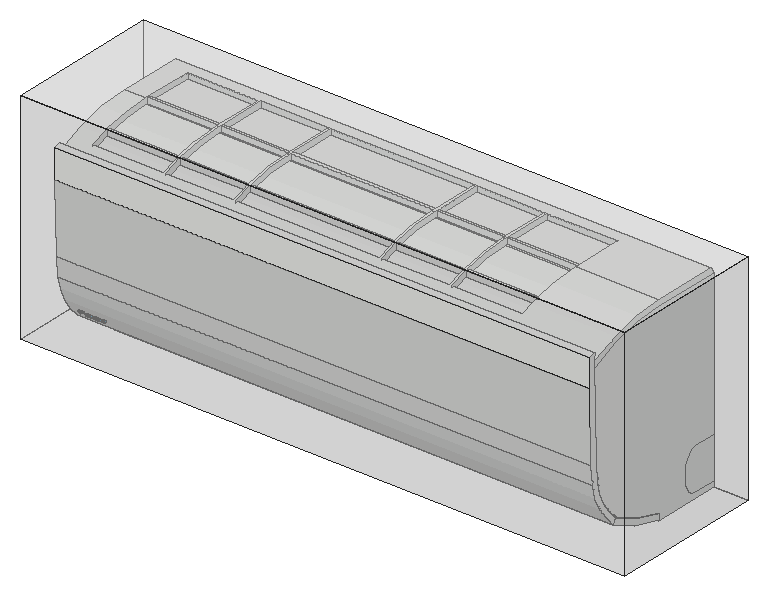
Revit family "outputfile", category 機械設備, Revit 2024
Family settings
  丸型コネクタ寸法 = 半径を使用
  パーツ タイプ = 標準
  OmniClass 番号 = 23.75.10.24.21.27.27
  OmniClass タイトル = Split System Air Conditioning Units
  作業面ベース = いいえ
  常に垂直 = はい
  ロード時にボイドで切り取り = いいえ
  注釈の向きを維持 = いいえ
  共有 = いいえ
  部屋計算ポイント = いいえ
Parameters (values of type "FTKQ50UVM4")
  Description = ""
  書き出し IFC クラス(タイプ) = "IfcUnitaryEquipmentType"
  定義済み IFC タイプ(タイプ) = "AIRCONDITIONINGUNIT"
  Cost = 0
  Type Comments = ""
  Keynote = ""
  Type Image = (empty or 0)
  Assembly Code = ""
  w_wall hole = if(Width = 770.0 mm, 48.0 mm, 60.0 mm)  # 48.0 mm
  製造元 = "Daikin"
  モデル = "FTKQ50UVM4"
  switch_frequency = yes
  r_Liquid Pipe Size = Liquid Pipe Size / 2  # 3.2 mm
  r_Gas Pipe Size = Gas Pipe Size / 2  # 6.35 mm
  r_Drain Pipe Size = Drain Pipe Size / 2  # 8.0 mm
  lw_powersupply [instance] = if(Width = 770.0 mm, if(or(Rear Right Connection_refrigerant, Bottom Right Connection_refrigerant), 25.0 mm, if(or(Rear Left Connection_refrigerant, Bottom Left Connection_refrigerant), 745.0 mm, 400.0 mm)), if(Width = 990.0 mm, if(or(Rear Right Connection_refrigerant, Bottom Right Connection_refrigerant), 40.0 mm, if(or(Rear Left Connection_refrigerant, Bottom Left Connection_refrigerant), 920.0 mm, 400.0 mm)), if(or(Rear Right Connection_refrigerant, Bottom Right Connection_refrigerant), 40.0 mm, if(or(Rear Left Connection_refrigerant, Bottom Left Connection_refrigerant), 920.0 mm, 400.0 mm))))  # 400.0 mm
  lw_liquidpipe [instance] = if(Width = 770.0 mm, if(or(Rear Right Connection_refrigerant, Bottom Right Connection_refrigerant), 0.0 mm, if(or(Rear Left Connection_refrigerant, Bottom Left Connection_refrigerant), 664.0 mm, 385.0 mm)), if(Width = 990.0 mm, if(or(Rear Right Connection_refrigerant, Bottom Right Connection_refrigerant), 0.0 mm, if(or(Rear Left Connection_refrigerant, Bottom Left Connection_refrigerant), 664.0 mm + (990.0 mm - 770.0 mm), 475.0 mm)), if(or(Rear Right Connection_refrigerant, Bottom Right Connection_refrigerant), 0.0 mm, if(or(Rear Left Connection_refrigerant, Bottom Left Connection_refrigerant), 664.0 mm + (990.0 mm - 770.0 mm), 475.0 mm))))  # 385.0 mm
  lw_gaspipe [instance] = if(Width = 770.0 mm, if(or(Rear Right Connection_refrigerant, Bottom Right Connection_refrigerant), 0.0 mm, if(or(Rear Left Connection_refrigerant, Bottom Left Connection_refrigerant), 675.0 mm, if(Gas Pipe Size = 12.7 mm, 345.0 mm, 335.0 mm))), if(Width = 990.0 mm, if(or(Rear Right Connection_refrigerant, Bottom Right Connection_refrigerant), 10.0 mm, if(or(Rear Left Connection_refrigerant, Bottom Left Connection_refrigerant), 890.0 mm, if(Gas Pipe Size = 15.9 mm, 400.0 mm, 400.0 mm))), if(or(Rear Right Connection_refrigerant, Bottom Right Connection_refrigerant), 10.0 mm, if(or(Rear Left Connection_refrigerant, Bottom Left Connection_refrigerant), 890.0 mm, if(Gas Pipe Size = 15.9 mm, 400.0 mm, 400.0 mm)))))  # 345.0 mm
  lw_drainpipe [instance] = if(Width = 770.0 mm, if(or(Rear Right Connection_refrigerant, Bottom Right Connection_refrigerant), 0.0 mm, if(or(Rear Left Connection_refrigerant, Bottom Left Connection_refrigerant), 770.0 mm - 48.0 mm - 48.0 mm, 440.0 mm)), if(Width = 990.0 mm, if(or(Rear Right Connection_refrigerant, Bottom Right Connection_refrigerant), 0.0 mm, if(or(Rear Left Connection_refrigerant, Bottom Left Connection_refrigerant), 675.0 mm + (990.0 mm - 770.0 mm), 435.0 mm)), if(or(Rear Right Connection_refrigerant, Bottom Right Connection_refrigerant), 0.0 mm, if(or(Rear Left Connection_refrigerant, Bottom Left Connection_refrigerant), 675.0 mm + (990.0 mm - 770.0 mm), 435.0 mm))))  # 440.0 mm
  l_powersupply_length [instance] = if(Width = 770.0 mm, if(Right Connection_refrigerant, 400.0 mm, if(Left Connection_refrigerant, 770.0 mm - 400.0 mm, if(or(Rear Left Connection_refrigerant, Rear Right Connection_refrigerant), 15.0 mm, 50.0 mm))), if(Width = 990.0 mm, if(Right Connection_refrigerant, 400.0 mm, if(Left Connection_refrigerant, 990.0 mm - 400.0 mm, if(or(Rear Left Connection_refrigerant, Rear Right Connection_refrigerant), 15.0 mm, 50.0 mm))), if(Right Connection_refrigerant, 400.0 mm, if(Left Connection_refrigerant, 990.0 mm - 400.0 mm, if(or(Rear Left Connection_refrigerant, Rear Right Connection_refrigerant), 15.0 mm, 50.0 mm)))))  # 400.0 mm
  l_liquidpipe_length [instance] = if(Width = 770.0 mm, if(Right Connection_refrigerant, 433.0 mm, if(Left Connection_refrigerant, 337.0 mm, if(or(Rear Left Connection_refrigerant, Rear Right Connection_refrigerant), 30.0 mm, 50.0 mm))), if(Width = 990.0 mm, if(Right Connection_refrigerant, 535.0 mm, if(Left Connection_refrigerant, 455.0 mm, if(or(Rear Left Connection_refrigerant, Rear Right Connection_refrigerant), 30.0 mm, 50.0 mm))), if(Right Connection_refrigerant, 535.0 mm, if(Left Connection_refrigerant, 455.0 mm, if(or(Rear Left Connection_refrigerant, Rear Right Connection_refrigerant), 30.0 mm, 50.0 mm)))))  # 433.0 mm
  l_gaspipe_length [instance] = if(Width = 770.0 mm, if(Right Connection_refrigerant, if(Gas Pipe Size = 12.7 mm, 393.0 mm, 383.0 mm), if(Left Connection_refrigerant, if(Gas Pipe Size = 12.7 mm, 770.0 mm - 393.0 mm, 770.0 mm - 383.0 mm), if(or(Rear Left Connection_refrigerant, Rear Right Connection_refrigerant), 40.0 mm, 40.0 mm))), if(Width = 990.0 mm, if(Right Connection_refrigerant, if(Gas Pipe Size = 15.9 mm, 460.0 mm, 460.0 mm), if(Left Connection_refrigerant, if(Gas Pipe Size = 15.9 mm, 990.0 mm - 460.0 mm, 990.0 mm - 460.0 mm), if(or(Rear Left Connection_refrigerant, Rear Right Connection_refrigerant), 40.0 mm, 40.0 mm))), if(Right Connection_refrigerant, if(Gas Pipe Size = 15.9 mm, 460.0 mm, 460.0 mm), if(Left Connection_refrigerant, if(Gas Pipe Size = 15.9 mm, 990.0 mm - 460.0 mm, 990.0 mm - 460.0 mm), if(or(Rear Left Connection_refrigerant, Rear Right Connection_refrigerant), 40.0 mm, 40.0 mm)))))  # 393.0 mm
  l_drainpipe_length [instance] = if(Width = 770.0 mm, if(Right Connection_refrigerant, 488.0 mm, if(Left Connection_refrigerant, 282.0 mm, if(or(Rear Left Connection_refrigerant, Rear Right Connection_refrigerant), 15.0 mm, 20.0 mm))), if(Width = 990.0 mm, if(Right Connection_refrigerant, 495.0 mm, if(Left Connection_refrigerant, 495.0 mm, if(or(Rear Left Connection_refrigerant, Rear Right Connection_refrigerant), 15.0 mm, 20.0 mm))), if(Right Connection_refrigerant, 495.0 mm, if(Left Connection_refrigerant, 495.0 mm, if(or(Rear Left Connection_refrigerant, Rear Right Connection_refrigerant), 15.0 mm, 20.0 mm)))))  # 488.0 mm
  h*** = 0.0 mm  # constant formula
  connector_voltage = Voltage_50Hz  # 230 V
  connector_powerinput = [Power Input (Cooling)]  # 0.000 kW
  connector_phase = Phase_50Hz  # 1
  angle_vertical [instance] = if(or(Bottom Left Connection_refrigerant, Bottom Right Connection_refrigerant), 0.00°, 90.00°)  # 90.00°
  angle_horizontal [instance] = if(Right Connection_refrigerant, 90.00°, if(Left Connection_refrigerant, -90.00°, if(or(Rear Left Connection_refrigerant, Rear Right Connection_refrigerant), 180.00°, 0.00°)))  # 90.00°
  Width = 770.0 mm
  Voltage_comment_50Hz = "220 - 240"
  Voltage_50Hz = 230 V
  Version = "ver.1.0"
  Unit Type = "Wall Mounted"
  Unit Mass Weight = 8.00 kg
  Unit Designation [instance] = ""
  Uniclass2015Version = "Products v1.30"
  Uniclass2015Title = "Split coil room air conditioning units"
  Uniclass2015Code = "Pr_70_65_03_86"
  URL = ""
  Total Cooling Capacity [instance] = 0.000 kW
  Sound Pressure Level_M speed (dBA) = 40
  Sound Pressure Level_L speed (dBA) = 35
  Sound Pressure Level_H speed (dBA) = 44
  Sound Power Level_H speed (dB) = 0
  Series = "Single Split_Fan Coil Unit"
  Sensible Cooling Capacity [instance] = 0.000 kW
  Refrigerant Type = "R32"
  Power Input (Cooling) = 0.000 kW
  Phase_50Hz = 1
  Option Accessory 3 [instance] = ""
  Option Accessory 2 [instance] = ""
  Option Accessory 1 [instance] = ""
  Nominal Cooling Capacity = 5.000 kW
  Minimum Circuit Amps_50Hz = 0.0 A
  Minimum Airflow = 516.00 m³/h
  Median Airflow = 636.00 m³/h
  Maximum Fuse Amps_50Hz = 0.0 A
  Maximum Airflow = 774.00 m³/h
  Material_Casing = DAIKIN_White_Casing_indoorunit
  Load Classification = HVAC
  Liquid Pipe Size = 6.4 mm
  Link_Nested Family [instance] = ""
  IfcVersion = ""
  IfcExportType = "AIRCONDITIONINGUNIT"
  IfcExportAs = "IfcUnitaryEquipmentType"
  Height = 285.0 mm
  Heat Exchanger Type = "Cross Fin Coil"
  Gas Pipe Size = 12.7 mm
  Frequency_50Hz = 50 Hz
  Fan Type = "Cross Flow Fan"
  Fan Drive = "Direct Drive"
  FCU Tag No. [instance] = ""
  Drain Pipe Size = 16.0 mm
  Design Supply Airflow [instance] = 0.00 m³/h
  Depth = 223.0 mm
  既定の高さ = 0.0 mm
  Cooling Entering Wet Bulb Temperature [instance] = 0.00 °C
  Cooling Entering Dry Bulb Temperature [instance] = 0.00 °C
  Cooling Ambient Wet Bulb Temperature [instance] = 0.00 °C
  Cooling Ambient Dry Bulb Temperature [instance] = 0.00 °C
  Clearance visibility [instance] = yes
  Clearance Top = 30.0 mm
  Clearance Right = 50.0 mm
  Clearance Rear = 0.0 mm
  Clearance Left = 50.0 mm
  Clearance Front = 0.0 mm
  Clearance Bottom = 0.0 mm
  Bottom Right Connection_refrigerant [instance] = no
  Bottom Left Connection_refrigerant [instance] = no
  Rear Right Connection_refrigerant [instance] = no
  Rear Left Connection_refrigerant [instance] = no
  Right Connection_refrigerant [instance] = yes
  Left Connection_refrigerant [instance] = no
Reference planes
  plane 1 "Back": y = 0
  plane 2: z = 0
  plane 3 "Center (Left/Right)": x = 0
  plane 4 "Center (Front/Back)": y = -111.5
  plane 5 "Front": y = -223
  plane 6 "Left": x = -385
  plane 7 "Right": x = 385
  plane 8 "Top": z = 0
  plane 9 "Bottom": z = -285
  plane 10: x = -435
  plane 11: x = 435
  plane 12: y = 0
  plane 13: y = -223
  plane 14: z = 30
  plane 15: z = -285
  plane 16 "lw_Piping and Wiring intake": x = 337
  plane 17 "lw_gaspipe": x = -8
  plane 18 "lw_liquidpipe": x = -48
  plane 19 "lw_drainpipe": x = -103
  plane 20 "lh_drainpipe": z = -265
  plane 21 "lh_liquidpipe": z = -235
  plane 22 "lh_gaspipe": z = -245
  plane 23 "ld_drainpipe": y = -15
  plane 24 "ld_liquidpipe": y = -30
  plane 25 "ld_gaspipe": y = -40
  plane 26 "lw_powersupply": x = -15
Dimensions and locks
  equal spacing: plane 6 "Left", plane 3 "Center (Left/Right)", plane 7 "Right"
  "Width": plane 6 "Left" to plane 7 "Right"
  equal spacing: plane 5 "Front", plane 4 "Center (Front/Back)", plane 1 "Back"
  "Depth": plane 5 "Front" to plane 1 "Back"
  "Height": plane 8 "Top" to plane 9 "Bottom"
  "Clearance Rear": plane 12 to plane 1 "Back"
  "Clearance Front": plane 13 to plane 5 "Front"
  "Clearance Top": plane 14 to plane 8 "Top"
  "Clearance Bottom": plane 9 "Bottom" to plane 15
  "w_wall hole": plane 16 "lw_Piping and Wiring intake" to plane 7 "Right"
  "lw_gaspipe": plane 17 "lw_gaspipe" to plane 16 "lw_Piping and Wiring intake"
  "lw_liquidpipe": plane 18 "lw_liquidpipe" to plane 16 "lw_Piping and Wiring intake"
  "lw_drainpipe": plane 19 "lw_drainpipe" to plane 16 "lw_Piping and Wiring intake"
  locked: plane 20 "lh_drainpipe" to plane 9 "Bottom" at 20
  locked: plane 21 "lh_liquidpipe" to plane 9 "Bottom" at 50
  locked: plane 22 "lh_gaspipe" to plane 9 "Bottom" at 40
  locked: plane 23 "ld_drainpipe" to plane 1 "Back" at 15
  locked: plane 1 "Back" to plane 24 "ld_liquidpipe" at 30
  locked: plane 1 "Back" to plane 25 "ld_gaspipe" at 40
  "lw_powersupply": plane 26 "lw_powersupply" to plane 7 "Right"
  "Clearance Left": plane 10 to plane 6 "Left"
  "Clearance Right": plane 7 "Right" to plane 11
  aligned and locked: level to plane 2
  aligned and locked: plane 12 to nested 1
  aligned and locked: nested 1 to plane 13
  aligned and locked: plane 10 to nested 1
  aligned and locked: plane 11 to nested 1
  aligned and locked: plane 15 to nested 1
  aligned and locked: plane 14 to nested 1
  aligned and locked: plane 17 "lw_gaspipe" to nested 2
  aligned and locked: nested 2 to plane 25 "ld_gaspipe"
  aligned and locked: plane 18 "lw_liquidpipe" to nested 3
  aligned and locked: nested 3 to plane 24 "ld_liquidpipe"
  aligned and locked: plane 19 "lw_drainpipe" to nested 4
  aligned and locked: nested 4 to plane 23 "ld_drainpipe"
  aligned and locked: nested 5 to plane 23 "ld_drainpipe"
  aligned and locked: plane 26 "lw_powersupply" to nested 5
  aligned and locked: level to plane 8 "Top"
  aligned and locked: plane 3 "Center (Left/Right)" to nested 6
  aligned and locked: plane 1 "Back" to nested 6
  aligned and locked: plane 8 "Top" to nested 6
Nested families
  nested 1: "daikin_clearancespace" at (0, -111.5, -127.381), show <- "Clearance visibility", visible <- "Clearance visibility", Link_Nested Family <- "Link_Nested Family", type "daikin_clearancespace"
    with width 870.0 mm, show yes, height 315.0 mm, depth 223.0 mm, Link_Nested Family ""
  nested 2: "daikin_connector_rotate3" at (-8, -40, -245), angle_vertical <- "angle_vertical", angle_horizontal <- "angle_horizontal", length <- "l_gaspipe_length", radius <- "r_Gas Pipe Size", type "daikin_connector_rotate3"
    with show no, radius 6.35 mm, length 393.0 mm, angle_vertical 90.00°, angle_horizontal 90.00°
  nested 3: "daikin_connector_rotate3" at (-48, -30, -235), angle_vertical <- "angle_vertical", angle_horizontal <- "angle_horizontal", radius <- "r_Liquid Pipe Size", length <- "l_liquidpipe_length", type "daikin_connector_rotate3"
    with show no, radius 3.2 mm, length 433.0 mm, angle_vertical 90.00°, angle_horizontal 90.00°
  nested 4: "daikin_connector_rotate3" at (-103, -15, -265), angle_vertical <- "angle_vertical", angle_horizontal <- "angle_horizontal", length <- "l_drainpipe_length", radius <- "r_Drain Pipe Size", type "daikin_connector_rotate3"
    with show no, radius 8.0 mm, length 488.0 mm, angle_vertical 90.00°, angle_horizontal 90.00°
  nested 5: "daikin_connector_rotate3" at (-15, -15, -235), angle_vertical <- "angle_vertical", angle_horizontal <- "angle_horizontal", length <- "l_powersupply_length", type "daikin_connector_rotate3"
    with show no, radius 10.0 mm, length 400.0 mm, angle_vertical 90.00°, angle_horizontal 90.00°
  nested 6: "DAIKIN_indoorunit_FTKQ-UVM4" at (-31, 0, 0), type "FTKQ-UVM4"
Connectors
  piping at (385, -40, -245), diameter 12.7, driven by "r_Gas Pipe Size"
    settings: on nested 2, index 1, connector inside diameter 609.6 mm, connector length 0.0 mm, flow factor 0, pipe flow 0.00 m³/h, pressure drop 0.0 Pa, fitting loss kfactor 0, connector angle 0.00°, fixture units 0, engagement length 0.0 mm, angle of deflection 0.00°, flow configuration 1, flow direction 2, fitting loss method 0, system type 29, joint type 0, gender type 0, connector reference index -1, connector utility 0, adjustable connector no, is connector primary yes, connector description "Refrigerant Gas Piping"
  piping at (385, -30, -235), diameter 6.4, driven by "r_Liquid Pipe Size"
    settings: on nested 3, index 2, connector inside diameter 609.6 mm, connector length 0.0 mm, flow factor 0, pipe flow 0.00 m³/h, pressure drop 0.0 Pa, fitting loss kfactor 0, connector angle 0.00°, fixture units 0, engagement length 0.0 mm, angle of deflection 0.00°, flow configuration 1, flow direction 1, fitting loss method 0, system type 29, joint type 0, gender type 0, connector reference index -1, connector utility 0, adjustable connector no, is connector primary no, connector description "Refrigerant Liquid Piping"
  piping at (385, -15, -265), diameter 16, driven by "r_Drain Pipe Size"
    settings: on nested 4, index 3, connector inside diameter 609.6 mm, connector length 0.0 mm, flow factor 0, pipe flow 0.00 m³/h, pressure drop 0.0 Pa, fitting loss kfactor 0, connector angle 0.00°, fixture units 0, engagement length 0.0 mm, angle of deflection 0.00°, flow configuration 1, flow direction 2, fitting loss method 4, system type 16, joint type 0, gender type 0, connector reference index -1, connector utility 0, adjustable connector no, is connector primary no, connector description "Condensate Drain Piping"
  electrical at (385, -15, -235), driven by "Load Classification", driven by "connector_powerinput", driven by "connector_phase", driven by "connector_voltage"
    settings: on nested 5, index 4, voltage 230 V, apparent load 0 VA, apparent load phase1 0 VA, apparent load phase2 0 VA, apparent load phase3 0 VA, power factor 1, load classification "HVAC", number of poles 1, system type 30, power factor state 1, is connector primary yes, connector utility no, sub classification motor no, connector description "Power Supply"
Definition of nested family "daikin_clearancespace"
  Parameters (values of type "daikin_clearancespace")
    Description = "daikin_clearancespace"
    width [instance] = 1823.963 mm
    show [instance] = yes
    material = none
    height [instance] = 1359.762 mm
    depth [instance] = 880.0 mm
    Default Elevation = 0.0 mm
    Link_Nested Family [instance] = ""
  Reference planes
    plane 1 "Center (Front/Back)": y = 0
    plane 2 "Center (Elevation)": z = -0.119
    plane 3 "Center (Left/Right)": x = 0
    plane 4: y = 440
    plane 5: y = -440
    plane 6 "Right": x = 911.982
    plane 7 "Left": x = -911.982
    plane 8 "Top": z = 679.762
    plane 9 "Bottom": z = -680
  Forms (mm)
    Extrusion 1, solid, material <- "material", visible <- "show"
      sketch origin (0, 0, 0) x (1, 0, 0) y (0, 1, 0)
        loop
          line (-911.982, 440) -> (-911.982, -440) -> (911.982, -440) -> (911.982, 440) -> (-911.982, 440)
      from -680 to 679.762
  Lines and regions (mm)
    symbolic lines, visible <- "show"
      curve 1: line (911.982, 440, 0) -> (-911.982, 440, 0)
      curve 2: line (-911.982, 440, 0) -> (-911.982, -440, 0)
      curve 3: line (-911.982, -440, 0) -> (911.982, -440, 0)
      curve 4: line (911.982, -440, 0) -> (911.982, 440, 0)
      curve 5: line (911.982, 0, 679.762) -> (-911.982, 0, 679.762)
      curve 6: line (911.982, 0, -680) -> (911.982, 0, 679.762)
      curve 7: line (-911.982, 0, -680) -> (911.982, 0, -680)
      curve 8: line (-911.982, 0, 679.762) -> (-911.982, 0, -680)
      curve 9: line (0, 440, 679.762) -> (0, -440, 679.762)
      curve 10: line (0, -440, 679.762) -> (0, -440, -680)
      curve 11: line (0, 440, -680) -> (0, 440, 679.762)
      curve 12: line (0, -440, -680) -> (0, 440, -680)
  Dimensions and locks
    "width": plane 7 "Left" to plane 6 "Right"
    "depth": plane 4 to plane 5
    "height": plane 8 "Top" to plane 9 "Bottom"
    equal spacing: plane 7 "Left", plane 3 "Center (Left/Right)", plane 6 "Right"
    equal spacing: plane 4, plane 1 "Center (Front/Back)", plane 5
    equal spacing: plane 8 "Top", plane 2 "Center (Elevation)", plane 9 "Bottom"
    aligned and locked: level to plane 2 "Center (Elevation)"
    aligned and locked: Extrusion 1 sketch curve to plane 4
    aligned and locked: plane 7 "Left" to Extrusion 1 sketch curve
    aligned and locked: Extrusion 1 sketch curve to plane 5
    aligned and locked: Extrusion 1 sketch curve to plane 6 "Right"
    aligned and locked: plane 8 "Top" to Extrusion 1
    aligned and locked: curve 1 to Extrusion 1
    aligned and locked: curve 2 to Extrusion 1
    aligned and locked: curve 3 to Extrusion 1
    aligned and locked: curve 4 to Extrusion 1
    aligned and locked: curve 5 to Extrusion 1
    aligned and locked: curve 6 to Extrusion 1
    aligned and locked: curve 7 to Extrusion 1
    aligned and locked: curve 8 to Extrusion 1
    aligned and locked: curve 9 to Extrusion 1
    aligned and locked: curve 10 to Extrusion 1
    aligned and locked: curve 11 to Extrusion 1
    aligned and locked: curve 12 to Extrusion 1
    aligned and locked: Extrusion 1 to plane 9 "Bottom"
Definition of nested family "DAIKIN_indoorunit_FTKQ-UVM4"
  Parameters (values of type "FTKQ-UVM4")
    Material_Casing = none
    Default Elevation = 0.0 mm
  Reference planes
    plane 1 "Center (Front/Back)": y = 0
    plane 2 "reference_level": z = 0
    plane 3 "Center (Left/Right)": x = 31
    plane 4: x = -354
    plane 5: x = 416
    plane 6: z = -285
  Forms (mm)
    Extrusion 1, solid, material <- "Material_Casing"
      sketch origin (29, 0, 0) x (0, 1, 0) y (0, 0, 1)
        loop
          line (-5, 0) -> (-98, 0)
          arc (-98, 0) -> (-157.611, -7.211) -> (-213.783, -28.427) r 250
          arc (-213.783, -28.427) -> (-213.842, -32.972) -> (-213.892, -37.516) r 2191
          arc (-213.892, -37.516) -> (-157.832, -15.495) -> (-98.07, -8) r 242
          line (-98.07, -8) -> (0, -8) -> (-5, 0)
      from -383 to 387
    Extrusion 2, solid, material <- "Material_Casing"
      sketch origin (416, 1296.25, 1200) x (0, 1, 0) y (0, 0, 1)
        loop
          line (-1472.998, -1446.91) -> (-1476.998, -1453.839)
          arc (-1476.998, -1453.839) -> (-1437.481, -1472.422) -> (-1395.25, -1483.538) r 240
          line (-1395.25, -1483.538) -> (-1395.25, -1475.422)
          arc (-1395.25, -1475.422) -> (-1435.407, -1464.663) -> (-1472.998, -1446.91) r 232
      from 0 to -47.5
    Extrusion 3, solid, material <- "Material_Casing"
      sketch origin (29, 0, 0) x (0, 1, 0) y (0, 0, 1)
        loop
          arc (-223, -60.455) -> (-222.414, -110.646) -> (-220.656, -160.81) r 2149.92
          arc (-220.656, -160.81) -> (-219.65, -174.299) -> (-217.853, -187.706) r 229.911
          arc (-217.853, -187.706) -> (-205.371, -223.594) -> (-181.517, -253.17) r 111
          line (-181.517, -253.17) -> (-177.429, -246.093)
          arc (-177.429, -246.093) -> (-198.77, -218.989) -> (-209.965, -186.36) r 103
          arc (-209.965, -186.36) -> (-211.681, -173.586) -> (-212.651, -160.735) r 221.844
          arc (-212.651, -160.735) -> (-214.739, -93.233) -> (-214.74, -25.699) r 2186.828
          arc (-214.74, -25.699) -> (-214.671, -21.467) -> (-214.594, -17.235) r 2192
          line (-214.594, -17.235) -> (-223, -19.961) -> (-223, -60.455)
      from -383 to 387
    Extrusion 4, solid, material <- "Material_Casing"
      sketch origin (29, 0, -20) x (0, 1, 0) y (0, 0, 1)
        loop
          line (0, -265) -> (0, 12) -> (-98.07, 12)
          arc (-98.07, 12) -> (-157.832, 4.505) -> (-213.892, -17.516) r 242
          arc (-213.892, -17.516) -> (-213.638, -79.114) -> (-211.653, -140.681) r 2191
          arc (-211.653, -140.681) -> (-210.685, -153.501) -> (-208.973, -166.243) r 221
          arc (-208.973, -166.243) -> (-197.471, -199.282) -> (-175.482, -226.491) r 102
          arc (-175.482, -226.491) -> (-138.004, -244.019) -> (-98, -254.579) r 231
          line (-98, -254.579) -> (-98, -265) -> (0, -265)
      from -383 to 387
    Extrusion 5, solid, material <- "Material_Casing"
      sketch origin (-354, 1296.25, 1200) x (0, 1, 0) y (0, 0, 1)
        loop
          line (-1472.998, -1446.91) -> (-1476.998, -1453.839)
          arc (-1476.998, -1453.839) -> (-1437.481, -1472.422) -> (-1395.25, -1483.538) r 240
          line (-1395.25, -1483.538) -> (-1395.25, -1475.422)
          arc (-1395.25, -1475.422) -> (-1435.407, -1464.663) -> (-1472.998, -1446.91) r 232
      from 47 to 0
    Extrusion 6, solid, material <- "Material_Casing"
      sketch origin (416, 1296.25, 1200) x (0, 1, 0) y (0, 0, 1)
        loop
          line (-1472.998, -1446.91) -> (-1476.998, -1453.839)
          arc (-1476.998, -1453.839) -> (-1443.437, -1470.168) -> (-1407.75, -1481.097) r 240
          line (-1407.75, -1481.097) -> (-1407.75, -1472.894)
          arc (-1407.75, -1472.894) -> (-1441.363, -1462.385) -> (-1472.998, -1446.91) r 232
      from -116.993 to -48.493
    Extrusion 7, solid, material <- "Material_Casing"
      sketch origin (416, 1296.25, 1200) x (0, 1, 0) y (0, 0, 1)
        loop
          line (-1472.998, -1446.91) -> (-1476.998, -1453.839)
          arc (-1476.998, -1453.839) -> (-1443.437, -1470.168) -> (-1407.75, -1481.097) r 240
          line (-1407.75, -1481.097) -> (-1407.75, -1472.894)
          arc (-1407.75, -1472.894) -> (-1441.363, -1462.385) -> (-1472.998, -1446.91) r 232
      from -717 to -121.993
    Extrusion 8, void
      sketch origin (31, 0, -235) x (1, 0, 0) y (0, 1, 0)
        loop
          line (-252.674, -22.316) -> (-354.941, -22.316) -> (-354.941, -91.341) -> (-252.674, -91.341) -> (-252.674, -22.316)
        loop
          line (-249.341, -91.341) -> (-151.574, -91.341) -> (-151.574, -22.316) -> (-249.341, -22.316) -> (-249.341, -91.341)
        loop
          line (58.309, -22.316) -> (-148.309, -22.316) -> (-148.309, -91.341) -> (58.309, -91.341) -> (58.309, -22.316)
        loop
          line (61.689, -22.316) -> (61.689, -91.341) -> (159.457, -91.341) -> (159.457, -22.316) -> (61.689, -22.316)
        loop
          line (162.789, -22.316) -> (162.789, -91.341) -> (265.057, -91.341) -> (265.057, -22.316) -> (162.789, -22.316)
        loop
          line (-354.941, -94.659) -> (-354.941, -165.259) -> (-252.674, -165.259) -> (-252.674, -94.659) -> (-354.941, -94.659)
        loop
          line (-249.341, -94.659) -> (-249.341, -165.259) -> (-151.574, -165.259) -> (-151.574, -94.659) -> (-249.341, -94.659)
        loop
          line (-148.309, -94.659) -> (-148.309, -165.259) -> (58.309, -165.259) -> (58.309, -94.659) -> (-148.309, -94.659)
        loop
          line (61.689, -94.659) -> (61.689, -165.259) -> (159.457, -165.259) -> (159.457, -94.659) -> (61.689, -94.659)
        loop
          line (162.789, -94.659) -> (162.789, -165.259) -> (265.057, -165.259) -> (265.057, -94.659) -> (162.789, -94.659)
        loop
          line (-354.941, -167.382) -> (-354.941, -192.681) -> (-252.674, -192.681) -> (-252.674, -167.382) -> (-354.941, -167.382)
        loop
          line (-249.341, -167.382) -> (-249.341, -192.681) -> (-151.574, -192.681) -> (-151.574, -167.382) -> (-249.341, -167.382)
        loop
          line (-148.309, -167.382) -> (-148.309, -192.681) -> (58.309, -192.681) -> (58.309, -167.382) -> (-148.309, -167.382)
        loop
          line (159.457, -167.382) -> (61.689, -167.382) -> (61.689, -192.681) -> (159.457, -192.681) -> (159.457, -167.382)
        loop
          line (265.057, -167.382) -> (162.789, -167.382) -> (162.789, -192.681) -> (265.057, -192.681) -> (265.057, -167.382)
      from 201.638 to 250
    Extrusion 9, solid, material <- "Material_Casing"
      sketch origin (31, 0, 0) x (1, 0, 0) y (0, 0, 1)
        loop
          circle (337, -240.5) r 32.5
        loop
          circle (-337, -240.5) r 32.5
      from 0 to 5
    Extrusion 10, solid, material <- "Material_Casing"
      sketch origin (416, 1296.25, 1200) x (0, -1, 0) y (0, 0, 1)
        loop
          line (1326.25, -1417) -> (1296.25, -1417) -> (1296.25, -1477) -> (1326.25, -1477)
          arc (1326.25, -1477) -> (1340.393, -1471.142) -> (1346.25, -1457) r 20
          line (1346.25, -1457) -> (1346.25, -1437)
          arc (1346.25, -1437) -> (1340.393, -1422.858) -> (1326.25, -1417) r 20
      from 0 to 5
    Extrusion 11, solid, material <- "Material_Casing"
      sketch origin (-354, 1296.25, 1200) x (0, 1, 0) y (0, 0, 1)
        loop
          line (-1296.25, -1417) -> (-1326.25, -1417)
          arc (-1326.25, -1417) -> (-1340.393, -1422.858) -> (-1346.25, -1437) r 20
          line (-1346.25, -1437) -> (-1346.25, -1457)
          arc (-1346.25, -1457) -> (-1340.393, -1471.142) -> (-1326.25, -1477) r 20
          line (-1326.25, -1477) -> (-1296.25, -1477) -> (-1296.25, -1417)
      from 0 to 5
    Extrusion 12, solid, material <- "Material_Casing"
      sketch origin (31, 0, -285) x (-1, 0, 0) y (0, -1, 0)
        loop
          line (-314, 0) -> (-314, 30)
          arc (-314, 30) -> (-319.858, 44.142) -> (-334, 50) r 20
          line (-334, 50) -> (-354, 50)
          arc (-354, 50) -> (-368.142, 44.142) -> (-374, 30) r 20
          line (-374, 30) -> (-374, 0) -> (-314, 0)
        loop
          line (374, 0) -> (374, 30)
          arc (374, 30) -> (368.142, 44.142) -> (354, 50) r 20
          line (354, 50) -> (334, 50)
          arc (334, 50) -> (319.858, 44.142) -> (314, 30) r 20
          line (314, 30) -> (314, 0) -> (374, 0)
      from 0 to 5
  Cuts and joins
    Extrusion 8 cuts Extrusion 1
  Lines and regions (mm)
    reference lines
      curve 1: line (-523, -201.911, -229.404) -> (-523, -193.542, -239.977)
  Dimensions and locks
    locked: Extrusion 10 sketch curve to Extrusion 10 sketch curve at 60
    locked: Extrusion 10 sketch curve to Extrusion 10 sketch curve at 50
    locked: Extrusion 12 sketch curve to Extrusion 12 sketch curve at 60  (x2)
    locked: Extrusion 12 sketch curve to Extrusion 12 sketch curve at 50
    equal spacing: plane 5, plane 3 "Center (Left/Right)", plane 4
    plane 5 to plane 4 = 770.0 mm
    locked: Extrusion 9 sketch curve to plane 4 at 48
    plane 5 to Extrusion 9 sketch curve = 48.0 mm
    plane 2 "reference_level" to plane 6 = 285.0 mm
    locked: Extrusion 9 sketch curve to plane 6 at 44.5  (x2)
    diameter of Extrusion 9 sketch curve = 65.0 mm  (x2)
    aligned and locked: level to plane 2 "reference_level"
    aligned and locked: nested 1 to curve 1
    aligned and locked: Extrusion 11 sketch curve to Extrusion 10  (x4)
    aligned and locked: Extrusion 12 sketch curve to Extrusion 12 sketch curve  (x2)
    aligned and locked: Extrusion 9 to plane 1 "Center (Front/Back)"
  Automatic sketch dimensions
    curve 1 to level = 239.977 mm
    plane 1 "Center (Front/Back)" to curve 1 = 193.542 mm
    curve 1 to curve 1 = 10.573 mm
    curve 1 to curve 1 = 8.368 mm
    Extrusion 1 sketch curve to level = 0.0 mm
    Extrusion 1 sketch curve to plane 1 "Center (Front/Back)" = 0.0 mm
    plane 1 "Center (Front/Back)" to Extrusion 1 sketch curve = 5.0 mm
    plane 1 "Center (Front/Back)" to Extrusion 1 sketch curve = 98.0 mm
    Extrusion 1 sketch curve to Extrusion 1 sketch curve = 0.07 mm
    Extrusion 1 sketch curve to level = 59.292 mm
    Extrusion 1 sketch curve to plane 1 "Center (Front/Back)" = 1977.0 mm
    Extrusion 1 sketch curve to level = 250.0 mm
    Extrusion 1 sketch curve to Extrusion 1 sketch curve = 0.0 mm
    Extrusion 1 sketch curve to level = 8.0 mm
    Extrusion 1 sketch curve to level = 28.427 mm
    plane 1 "Center (Front/Back)" to Extrusion 2 sketch curve = 180.748 mm
    Extrusion 2 sketch curve to Extrusion 2 sketch curve = 4.0 mm
    Extrusion 2 sketch curve to Extrusion 2 sketch curve = 77.747 mm
    plane 1 "Center (Front/Back)" to Extrusion 2 sketch curve = 59.279 mm
    Extrusion 2 sketch curve to Extrusion 2 sketch curve = 0.0 mm
    Extrusion 2 sketch curve to level = 283.538 mm
    Extrusion 2 sketch curve to Extrusion 2 sketch curve = 8.116 mm
    Extrusion 2 sketch curve to Extrusion 2 sketch curve = 21.583 mm
    Extrusion 2 sketch curve to Extrusion 2 sketch curve = 6.929 mm
    Extrusion 3 sketch curve to level = 19.961 mm
    plane 1 "Center (Front/Back)" to Extrusion 3 sketch curve = 223.0 mm
    Extrusion 3 sketch curve to level = 17.235 mm
    Extrusion 3 sketch curve to Extrusion 3 sketch curve = 8.406 mm
    plane 1 "Center (Front/Back)" to Extrusion 3 sketch curve = 181.517 mm
    Extrusion 3 sketch curve to Extrusion 3 sketch curve = 4.087 mm
    Extrusion 3 sketch curve to Extrusion 3 sketch curve = 69.11 mm
    Extrusion 3 sketch curve to Extrusion 3 sketch curve = 0.001 mm
    Extrusion 3 sketch curve to plane 1 "Center (Front/Back)" = 8.955 mm
    Extrusion 3 sketch curve to Extrusion 3 sketch curve = 0.067 mm
    Extrusion 3 sketch curve to level = 60.455 mm
    Extrusion 3 sketch curve to Extrusion 3 sketch curve = 1917.898 mm
    Extrusion 3 sketch curve to Extrusion 3 sketch curve = 44.907 mm
    Extrusion 3 sketch curve to Extrusion 3 sketch curve = 5.172 mm
    Extrusion 3 sketch curve to level = 150.456 mm
    Extrusion 3 sketch curve to Extrusion 3 sketch curve = 0.006 mm
    Extrusion 3 sketch curve to Extrusion 3 sketch curve = 19.265 mm
    Extrusion 3 sketch curve to Extrusion 3 sketch curve = 0.004 mm
    Extrusion 3 sketch curve to Extrusion 3 sketch curve = 76.368 mm
    Extrusion 3 sketch curve to Extrusion 3 sketch curve = 7.077 mm
    Extrusion 3 sketch curve to Extrusion 3 sketch curve = 1.002 mm
    Extrusion 3 sketch curve to Extrusion 3 sketch curve = 0.046 mm
    Extrusion 3 sketch curve to Extrusion 3 sketch curve = 8.005 mm
    Extrusion 3 sketch curve to Extrusion 3 sketch curve = 0.147 mm
    Extrusion 3 sketch curve to Extrusion 3 sketch curve = 0.0 mm
    Extrusion 4 sketch curve to plane 1 "Center (Front/Back)" = 0.0 mm
    plane 1 "Center (Front/Back)" to Extrusion 4 sketch curve = 59.278 mm
    Extrusion 4 sketch curve to Extrusion 4 sketch curve = 98.0 mm
    Extrusion 4 sketch curve to Extrusion 4 sketch curve = 0.0 mm  (x3)
    Extrusion 4 sketch curve to level = 8.0 mm
    Extrusion 4 sketch curve to Extrusion 4 sketch curve = 38.791 mm
    Extrusion 4 sketch curve to Extrusion 4 sketch curve = 10.249 mm
    Extrusion 4 sketch curve to plane 1 "Center (Front/Back)" = 9.11 mm
    Extrusion 4 sketch curve to level = 59.292 mm
    Extrusion 4 sketch curve to Extrusion 4 sketch curve = 1967.89 mm
    Extrusion 4 sketch curve to Extrusion 4 sketch curve = 142.454 mm
    Extrusion 4 sketch curve to Extrusion 4 sketch curve = 19.271 mm
    Extrusion 4 sketch curve to Extrusion 4 sketch curve = 80.275 mm
    Extrusion 4 sketch curve to Extrusion 4 sketch curve = 24.579 mm
    Extrusion 4 sketch curve to Extrusion 4 sketch curve = 10.421 mm
    Extrusion 4 sketch curve to level = 46.847 mm
    Extrusion 4 sketch curve to Extrusion 4 sketch curve = 77.412 mm
    Extrusion 4 sketch curve to Extrusion 4 sketch curve = 33.49 mm
    Extrusion 4 sketch curve to Extrusion 4 sketch curve = 2.68 mm
    plane 1 "Center (Front/Back)" to Extrusion 5 sketch curve = 180.748 mm
    Extrusion 5 sketch curve to Extrusion 5 sketch curve = 4.0 mm
    Extrusion 5 sketch curve to Extrusion 5 sketch curve = 77.747 mm
    plane 1 "Center (Front/Back)" to Extrusion 5 sketch curve = 59.279 mm
    Extrusion 5 sketch curve to Extrusion 5 sketch curve = 0.0 mm
    Extrusion 5 sketch curve to level = 283.538 mm
    Extrusion 5 sketch curve to Extrusion 5 sketch curve = 8.116 mm
    Extrusion 5 sketch curve to Extrusion 5 sketch curve = 21.583 mm
    Extrusion 5 sketch curve to Extrusion 5 sketch curve = 6.929 mm
    plane 1 "Center (Front/Back)" to Extrusion 6 sketch curve = 180.748 mm
    Extrusion 6 sketch curve to Extrusion 6 sketch curve = 4.0 mm
    Extrusion 6 sketch curve to Extrusion 6 sketch curve = 65.247 mm
    plane 1 "Center (Front/Back)" to Extrusion 6 sketch curve = 59.279 mm
    Extrusion 6 sketch curve to Extrusion 6 sketch curve = 0.0 mm
    Extrusion 6 sketch curve to level = 281.097 mm
    Extrusion 6 sketch curve to Extrusion 6 sketch curve = 8.203 mm
    Extrusion 6 sketch curve to Extrusion 6 sketch curve = 19.055 mm
    Extrusion 6 sketch curve to Extrusion 6 sketch curve = 6.929 mm
    plane 1 "Center (Front/Back)" to Extrusion 7 sketch curve = 180.748 mm
    Extrusion 7 sketch curve to Extrusion 7 sketch curve = 4.0 mm
    Extrusion 7 sketch curve to Extrusion 7 sketch curve = 65.247 mm
    plane 1 "Center (Front/Back)" to Extrusion 7 sketch curve = 59.279 mm
    Extrusion 7 sketch curve to Extrusion 7 sketch curve = 0.0 mm
    Extrusion 7 sketch curve to level = 281.097 mm
    Extrusion 7 sketch curve to Extrusion 7 sketch curve = 8.203 mm
    Extrusion 7 sketch curve to Extrusion 7 sketch curve = 19.055 mm
    Extrusion 7 sketch curve to Extrusion 7 sketch curve = 6.929 mm
    plane 1 "Center (Front/Back)" to Extrusion 8 sketch curve = 165.259 mm  (x2)
    Extrusion 8 sketch curve to plane 3 "Center (Left/Right)" = 354.941 mm
    plane 1 "Center (Front/Back)" to Extrusion 8 sketch curve = 22.316 mm  (x3)
    Extrusion 8 sketch curve to Extrusion 8 sketch curve = 0.0 mm  (x26)
    Extrusion 8 sketch curve to Extrusion 8 sketch curve = 102.268 mm  (x2)
    Extrusion 8 sketch curve to Extrusion 8 sketch curve = 3.332 mm  (x4)
    Extrusion 8 sketch curve to Extrusion 8 sketch curve = 97.768 mm  (x2)
    Extrusion 8 sketch curve to Extrusion 8 sketch curve = 3.264 mm  (x3)
    plane 3 "Center (Left/Right)" to Extrusion 8 sketch curve = 58.309 mm
    Extrusion 8 sketch curve to Extrusion 8 sketch curve = 3.38 mm  (x3)
    Extrusion 8 sketch curve to Extrusion 8 sketch curve = 2.124 mm  (x6)
    Extrusion 8 sketch curve to Extrusion 8 sketch curve = 25.299 mm  (x2)
    Extrusion 8 sketch curve to Extrusion 8 sketch curve = 70.6 mm
    Extrusion 8 sketch curve to Extrusion 8 sketch curve = 3.317 mm  (x4)
    Extrusion 10 sketch curve to plane 1 "Center (Front/Back)" = 0.0 mm
    Extrusion 10 sketch curve to Extrusion 10 sketch curve = 20.0 mm  (x2)
    Extrusion 10 sketch curve to level = 277.0 mm
    plane 1 "Center (Front/Back)" to Extrusion 12 sketch curve = 0.0 mm
    plane 3 "Center (Left/Right)" to Extrusion 12 sketch curve = 374.0 mm
    Extrusion 12 sketch curve to Extrusion 12 sketch curve = 20.0 mm  (x3)
    plane 1 "Center (Front/Back)" to Extrusion 12 sketch curve = 30.0 mm
    Extrusion 12 sketch curve to plane 3 "Center (Left/Right)" = 314.0 mm
  Nested families
    nested 1: "daikin_logo_plane_w40" at (-320, -198.871, -233.244) x (1, 0, 0) z (0, -0.7841, -0.6206), type "daikin_logo_plane_w40"
      with show_logo yes
  Definition of nested family "daikin_logo_plane_w40"
    Parameters (values of type "daikin_logo_plane_w40")
      width = 40.0 mm
      show_logo [instance] = yes
      material = none
      height = 0.0 mm
      depth = 0.0 mm
      Default Elevation = 1219.2 mm
    Reference planes
      plane 1 "Center (Front/Back)": y = 0
      plane 2: z = 0
      plane 3 "Center (Left/Right)": x = 0
      plane 4: z = 2
      plane 5 "left": x = -19
      plane 6: x = 19
    Forms (mm)
      Extrusion 1, solid, visible <- "show_logo"
        sketch origin (-19, 0, 0) x (1, 0, 0) y (0, 1, 0)
          loop
            line (8.902, -1.878) -> (7.789, -6.332) -> (11.13, -6.332)
            arc (11.13, -6.332) -> (12.454, -6.064) -> (13.472, -5.176) r 2.642
            arc (13.472, -5.176) -> (13.92, -4.02) -> (13.767, -2.79) r 2.537
            arc (13.767, -2.79) -> (13.452, -2.342) -> (12.982, -2.06) r 1.321
            arc (12.982, -2.06) -> (12.063, -1.902) -> (11.13, -1.878) r 6.479
            line (11.13, -1.878) -> (8.902, -1.878)
          loop
            line (10.016, -5.441) -> (10.907, -5.441)
            arc (10.907, -5.441) -> (11.591, -4.983) -> (11.988, -4.261) r 1.742
            spline (11.988, -4.261) -> (12.01, -4.155) -> (12.027, -4.03) -> (12.037, -3.893) -> (12.037, -3.747) -> (12.026, -3.598) -> (12.002, -3.451) -> (11.962, -3.31) -> (11.905, -3.181) -> (11.829, -3.069) -> (11.731, -2.978) -> (11.61, -2.913) -> (11.464, -2.88)
            line (11.464, -2.88) -> (10.573, -2.88) -> (10.016, -5.441)
          loop
            line (13.58, -6.332) -> (14.805, -6.332) -> (15.223, -5.553) -> (16.977, -5.553) -> (17.144, -6.332) -> (19.149, -6.332) -> (18.258, -1.878) -> (16.03, -1.878) -> (13.58, -6.332)
          loop
            line (16.476, -3.214) -> (15.76, -4.551) -> (16.762, -4.551) -> (16.476, -3.214)
          loop
            line (19.705, -6.332) -> (21.599, -6.332) -> (22.712, -1.878) -> (20.819, -1.878) -> (19.705, -6.332)
          loop
            line (22.712, -6.332) -> (24.606, -6.332) -> (24.908, -5.122) -> (25.831, -6.332) -> (28.17, -6.332) -> (26.388, -3.994) -> (28.949, -1.878) -> (26.945, -1.878) -> (25.401, -3.153) -> (25.719, -1.878) -> (23.826, -1.878) -> (22.712, -6.332)
          loop
            line (29.84, -1.878) -> (28.615, -6.332) -> (30.62, -6.332) -> (31.734, -1.878) -> (29.84, -1.878)
          loop
            line (31.734, -6.332) -> (33.07, -6.332) -> (33.7, -3.814) -> (34.518, -6.332) -> (36.745, -6.332) -> (37.859, -1.878) -> (36.523, -1.878) -> (35.845, -4.589) -> (34.963, -1.878) -> (32.847, -1.878) -> (31.734, -6.332)
        from 0 to 2
      Extrusion 2, solid, visible <- "show_logo"
        sketch origin (-19, 0, 0) x (1, 0, 0) y (0, 1, 0)
          loop
            line (8.7, 0) -> (4.235, 0) -> (0, -3.879) -> (0, -8) -> (8.7, 0)
        from 0 to 2
      Extrusion 3, solid, visible <- "show_logo"
        sketch origin (-19, 0, 0) x (1, 0, 0) y (0, 1, 0)
          loop
            line (0, 0) -> (0, -3.879) -> (4.235, 0) -> (0, 0)
        from 0 to 2
    Dimensions and locks
      plane 4 to plane 2 = 2.0 mm
      equal spacing: plane 5 "left", plane 3 "Center (Left/Right)", plane 6
      locked: plane 5 "left" to plane 6 at 38
      aligned and locked: level to plane 2
      aligned and locked: Extrusion 3 to plane 1 "Center (Front/Back)"  (x2)
      aligned and locked: Extrusion 2 to plane 1 "Center (Front/Back)"  (x2)
      aligned and locked: plane 4 to Extrusion 1
      aligned and locked: plane 4 to Extrusion 3
      aligned and locked: plane 4 to Extrusion 2
      aligned and locked: Extrusion 3 to plane 5 "left"
      aligned and locked: Extrusion 2 to plane 5 "left"
    Automatic sketch dimensions
      Extrusion 1 sketch curve to Extrusion 1 sketch curve = 0.901 mm
      Extrusion 1 sketch curve to Extrusion 1 sketch curve = 1.559 mm
      Extrusion 1 sketch curve to Extrusion 1 sketch curve = 1.327 mm
      Extrusion 1 sketch curve to Extrusion 1 sketch curve = 2.145 mm
      Extrusion 1 sketch curve to Extrusion 1 sketch curve = 1.448 mm
      Extrusion 1 sketch curve to Extrusion 1 sketch curve = 2.116 mm
      Extrusion 1 sketch curve to Extrusion 1 sketch curve = 1.114 mm  (x4)
      Extrusion 1 sketch curve to Extrusion 1 sketch curve = 1.336 mm  (x2)
      plane 1 "Center (Front/Back)" to Extrusion 1 sketch curve = 1.878 mm  (x5)
      Extrusion 1 sketch curve to Extrusion 1 sketch curve = 1.893 mm  (x5)
      Extrusion 1 sketch curve to Extrusion 1 sketch curve = 0.891 mm  (x4)
      Extrusion 1 sketch curve to Extrusion 1 sketch curve = 2.005 mm  (x3)
      Extrusion 1 sketch curve to Extrusion 1 sketch curve = 0.445 mm  (x2)
      plane 1 "Center (Front/Back)" to Extrusion 1 sketch curve = 3.994 mm
      Extrusion 1 sketch curve to Extrusion 1 sketch curve = 0.557 mm  (x2)
      Extrusion 1 sketch curve to Extrusion 1 sketch curve = 2.339 mm  (x2)
      Extrusion 1 sketch curve to Extrusion 1 sketch curve = 1.225 mm  (x3)
      plane 1 "Center (Front/Back)" to Extrusion 1 sketch curve = 3.153 mm
      Extrusion 1 sketch curve to Extrusion 1 sketch curve = 0.987 mm
      plane 1 "Center (Front/Back)" to Extrusion 1 sketch curve = 5.122 mm
      Extrusion 1 sketch curve to Extrusion 1 sketch curve = 0.922 mm
      plane 1 "Center (Front/Back)" to Extrusion 1 sketch curve = 6.332 mm
      Extrusion 1 sketch curve to Extrusion 1 sketch curve = 2.562 mm
      plane 1 "Center (Front/Back)" to Extrusion 1 sketch curve = 5.553 mm
      Extrusion 1 sketch curve to Extrusion 1 sketch curve = 0.167 mm
      Extrusion 1 sketch curve to Extrusion 1 sketch curve = 0.215 mm
      plane 1 "Center (Front/Back)" to Extrusion 1 sketch curve = 3.214 mm
      Extrusion 1 sketch curve to Extrusion 1 sketch curve = 0.286 mm
      plane 1 "Center (Front/Back)" to Extrusion 1 sketch curve = 4.551 mm
      Extrusion 1 sketch curve to Extrusion 1 sketch curve = 1.002 mm
      Extrusion 1 sketch curve to Extrusion 1 sketch curve = 0.537 mm
      Extrusion 1 sketch curve to Extrusion 1 sketch curve = 0.418 mm
      Extrusion 1 sketch curve to Extrusion 1 sketch curve = 1.028 mm
      plane 1 "Center (Front/Back)" to Extrusion 1 sketch curve = 4.261 mm
      Extrusion 1 sketch curve to Extrusion 1 sketch curve = 0.563 mm
      plane 1 "Center (Front/Back)" to Extrusion 1 sketch curve = 2.88 mm
      Extrusion 1 sketch curve to Extrusion 1 sketch curve = 1.088 mm
      Extrusion 1 sketch curve to Extrusion 1 sketch curve = 2.152 mm
      Extrusion 1 sketch curve to Extrusion 1 sketch curve = 0.586 mm
      Extrusion 1 sketch curve to Extrusion 1 sketch curve = 0.118 mm
      Extrusion 1 sketch curve to Extrusion 1 sketch curve = 0.298 mm
      Extrusion 1 sketch curve to Extrusion 1 sketch curve = 0.334 mm
      Extrusion 1 sketch curve to Extrusion 1 sketch curve = 0.223 mm
      Extrusion 1 sketch curve to Extrusion 1 sketch curve = 0.266 mm
      Extrusion 1 sketch curve to Extrusion 1 sketch curve = 1.671 mm
      Extrusion 1 sketch curve to Extrusion 1 sketch curve = 2.227 mm
      Extrusion 1 sketch curve to Extrusion 1 sketch curve = 0.0 mm  (x7)
      Extrusion 1 sketch curve to Extrusion 1 sketch curve = 3.453 mm
      Extrusion 1 sketch curve to Extrusion 1 sketch curve = 2.017 mm
      Extrusion 1 sketch curve to Extrusion 1 sketch curve = 0.78 mm  (x2)
      Extrusion 1 sketch curve to Extrusion 1 sketch curve = 1.743 mm
      Extrusion 1 sketch curve to Extrusion 1 sketch curve = 0.775 mm
      Extrusion 1 sketch curve to Extrusion 1 sketch curve = 0.552 mm
      Extrusion 1 sketch curve to Extrusion 1 sketch curve = 0.014 mm
      Extrusion 1 sketch curve to Extrusion 1 sketch curve = 0.952 mm
      Extrusion 1 sketch curve to Extrusion 1 sketch curve = 1.215 mm
      Extrusion 1 sketch curve to Extrusion 1 sketch curve = 0.108 mm
      plane 1 "Center (Front/Back)" to Extrusion 2 sketch curve = 0.0 mm
      Extrusion 2 sketch curve to plane 3 "Center (Left/Right)" = 19.0 mm
      Extrusion 2 sketch curve to plane 3 "Center (Left/Right)" = 14.765 mm
      Extrusion 2 sketch curve to Extrusion 2 sketch curve = 4.465 mm
      plane 1 "Center (Front/Back)" to Extrusion 2 sketch curve = 3.879 mm
      Extrusion 2 sketch curve to Extrusion 2 sketch curve = 4.12 mm
      plane 1 "Center (Front/Back)" to Extrusion 3 sketch curve = 0.0 mm
      Extrusion 3 sketch curve to plane 3 "Center (Left/Right)" = 19.0 mm
      Extrusion 3 sketch curve to plane 3 "Center (Left/Right)" = 14.765 mm
      plane 1 "Center (Front/Back)" to Extrusion 3 sketch curve = 3.879 mm
      Extrusion 1 sketch curve to plane 3 "Center (Left/Right)" = 11.211 mm
      Extrusion 1 sketch curve to Extrusion 1 sketch curve = 1.782 mm
Definition of nested family "daikin_connector_rotate3"
  Parameters (values of type "daikin_connector_rotate3")
    show [instance] = yes
    radius [instance] = 10.0 mm
    length [instance] = 600.0 mm
    angle_horizontal [instance] = 60.00°
    angle_vertical [instance] = 90.00°
    Default Elevation = 1219.2 mm
  Reference planes
    plane 1 "Center (Front/Back)": y = 0
    plane 2: z = 0
    plane 3 "Center (Left/Right)": x = 0
  Dimensions and locks
    "angle_horizontal": angle plane 3 "Center (Left/Right)" to nested 1
    aligned and locked: level to plane 2
    aligned and locked: plane 1 "Center (Front/Back)" to nested 1  (x2)
    aligned and locked: plane 3 "Center (Left/Right)" to nested 1
  Nested families
    nested 1: "daikin_connector_rotate2" at (0, 0, 0) x (0.5, 0.866, 0) z (0, 0, 1), angle_vertical <- "angle_vertical", length <- "length", radius <- "radius", type "daikin_connector_rotate2"
      with radius 10.0 mm, length 600.0 mm, angle_vertical 90.00°
  Definition of nested family "daikin_connector_rotate2"
    Parameters (values of type "daikin_connector_rotate2")
      show_face = yes
      radius [instance] = 10.0 mm
      length [instance] = 600.0 mm
      d_surface = 10.0 mm
      angle_vertical [instance] = 90.00°
      Default Elevation = 0.0 mm
    Reference planes
      plane 1 "Center (Front/Back)": y = 0
      plane 2: z = 0
      plane 3 "Center (Left/Right)": x = 0
    Forms (mm)
      Extrusion 1, solid, visible <- "show_face"
        sketch origin (0, -600, 0) x (1, 0, 0) y (0, 0, 1)
          loop
            circle (0, 0) r 10
        from 0 to -10
    Lines and regions (mm)
      reference lines
        curve 1: line (0, 0, 0) -> (0, -600, 0)
      symbolic lines
        curve 2: circle (0, 0, 0) r 5 normal (0, 0, 1)
      model lines, visible <- "show_face"
        curve 3: line (0, 0, 0) -> (0, -600, 0)
    Dimensions and locks
      "length": curve 1 to curve 1
      "length": curve 3 to curve 3
      "d_surface": Extrusion 1 to Extrusion 1
      "radius": radius of Extrusion 1 sketch curve
      "angle_vertical": angle curve 1 to plane 1 "Center (Front/Back)"
      "angle_vertical": angle curve 3 to plane 1 "Center (Front/Back)"
      aligned and locked: level to plane 2
      aligned and locked: plane 1 "Center (Front/Back)" to curve 1
      aligned and locked: plane 2 to curve 1
      aligned and locked: plane 1 "Center (Front/Back)" to curve 2
      aligned and locked: plane 3 "Center (Left/Right)" to curve 2
      aligned and locked: plane 1 "Center (Front/Back)" to curve 3
      aligned and locked: plane 2 to curve 3
      aligned and locked: Extrusion 1 to Extrusion 1
    Automatic sketch dimensions
      Extrusion 1 sketch curve to level = 0.0 mm
      Extrusion 1 sketch curve to plane 3 "Center (Left/Right)" = 0.0 mm
      radius of curve 2 = 5.0 mm
